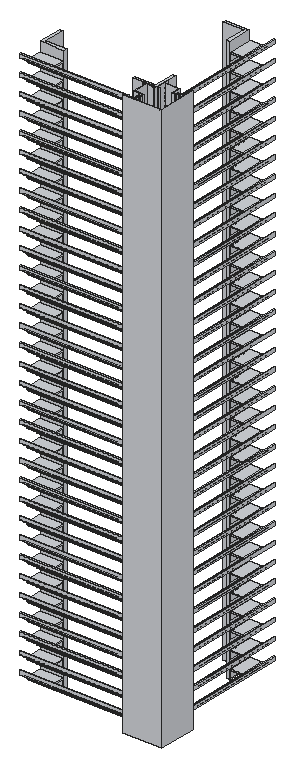
Revit family "ES-EL-2 (Box Corner)", category Mechanical Equipment, Revit 2015
Parameters
  URL = "http://unitedenertech.com/catalog/pdf/A_46%20ES-EL-2.pdf"
  Type Comments = "Size is Limited to (12\"w x 12\"l)"
  Model = "ES-EL-2 (Box Corner)"
  Manufacturer = "United Enertech Corporation"
  Exact Height = 4' - 0"
  Description = "2\" Aluminum Equipment Screen Box Corner"
  Blade Spacing = 0' - 1.45"
  Blade Number [instance] = rounddown(Exact Height / Blade Spacing)  # 33
Reference planes (in)
  plane 1 "Center (Front/Back)": y = 0
  plane 2: z = 0
  plane 3 "Center (Left/Right)": x = 0
  plane 4: z = 48
Forms (in)
  Extrusion 1, solid
    sketch origin (2.80276, -1.93416, 0) x (0, 1, 0) y (-1, 0, 0)
      loop
        line (1.93416, 2.61476) -> (1.99416, 2.61476) -> (1.99416, 2.74276) -> (2.70816, 2.74276) -> (2.70816, 1.54076) -> (1.99416, 1.54076) -> (1.99416, 1.26076) -> (1.94916, 1.26076) -> (1.94916, 1.20076) -> (1.99416, 1.20076) -> (1.99416, 1.13876) -> (2.05416, 1.13876) -> (2.05416, 1.20076) -> (2.14216, 1.20076) -> (2.14216, 0.76076) -> (2.05416, 0.76076) -> (2.05416, 0.91976) -> (1.99416, 0.91976) -> (1.99416, 0.70076) -> (2.9943, 0.70076) -> (2.9943, 0.65878) -> (3.05916, 0.65878) -> (3.05916, 0.76076) -> (2.76816, 0.76076) -> (2.76816, 0.88876) -> (2.70816, 0.88876) -> (2.70816, 0.76076) -> (2.20216, 0.76076) -> (2.20216, 1.26076) -> (2.05416, 1.26076) -> (2.05416, 1.48076) -> (2.76816, 1.48076) -> (2.76816, 2.74276) -> (3.05916, 2.74276) -> (3.05916, 2.80276) -> (1.93416, 2.80276) -> (1.93416, 2.61476)
    from 0 to 48
  Extrusion 2, solid
    sketch origin (1.93416, -2.80276, 0) x (-1, 0, 0) y (0, -1, 0)
      loop
        line (1.93416, -2.61476) -> (1.93416, -2.80276) -> (3.05916, -2.80276) -> (3.05916, -2.74276) -> (2.76816, -2.74276) -> (2.76816, -1.48076) -> (2.05416, -1.48076) -> (2.05416, -1.26076) -> (2.20216, -1.26076) -> (2.20216, -0.76076) -> (2.70816, -0.76076) -> (2.70816, -0.88876) -> (2.76816, -0.88876) -> (2.76816, -0.76076) -> (3.05916, -0.76076) -> (3.05916, -0.65878) -> (2.9943, -0.65878) -> (2.9943, -0.70076) -> (1.99416, -0.70076) -> (1.99416, -0.91976) -> (2.05416, -0.91976) -> (2.05416, -0.76076) -> (2.14216, -0.76076) -> (2.14216, -1.20076) -> (2.05416, -1.20076) -> (2.05416, -1.13876) -> (1.99416, -1.13876) -> (1.99416, -1.20076) -> (1.94916, -1.20076) -> (1.94916, -1.26076) -> (1.99416, -1.26076) -> (1.99416, -1.54076) -> (2.70816, -1.54076) -> (2.70816, -2.74276) -> (1.99416, -2.74276) -> (1.99416, -2.61476) -> (1.93416, -2.61476)
    from 0 to 48
  Extrusion 3, solid
    sketch origin (0, 0, 0) x (1, 0, 0) y (0, 1, 0)
      loop
        line (2.102, 1.06014) -> (2.102, -2.102) -> (-1.06014, -2.102) -> (-1.06014, -2.183) -> (2.183, -2.183) -> (2.183, 1.06014) -> (2.102, 1.06014)
    from 0 to 48
  Extrusion 4, solid
    sketch origin (-14.48764, -11.29971, 67.17069) x (0, 1, 0) y (0, 0, 1)
      loop
        line (9.25771, -19.48365) -> (9.41126, -19.58834) -> (9.57839, -19.70229) -> (9.68235, -19.77317) -> (9.75563, -19.82705) -> (9.8224, -19.88601) -> (9.91212, -19.97708) -> (9.99904, -20.07659) -> (10.07997, -20.18154) -> (10.12676, -20.24077) -> (10.16148, -20.26933) -> (10.47814, -20.48524) -> (10.60505, -20.56965) -> (10.64778, -20.58183) -> (10.71035, -20.58276) -> (10.77982, -20.58518) -> (10.83315, -20.59878) -> (10.8957, -20.6332) -> (11.11006, -20.83253) -> (10.96958, -20.83253) -> (10.96958, -20.8907) -> (11.25622, -20.8907) -> (10.98451, -20.63232) -> (10.91566, -20.57063) -> (10.85482, -20.53862) -> (10.78597, -20.52225) -> (10.79667, -20.48232) -> (10.80191, -20.44464) -> (10.79771, -20.40358) -> (10.73388, -20.41014)
        arc (10.73388, -20.41014) -> (10.61986, -20.50924) -> (10.67009, -20.36677) r 0.07813
        line (10.67009, -20.36677) -> (10.65314, -20.30354) -> (10.59963, -20.32231) -> (10.55974, -20.35344) -> (10.53339, -20.39908) -> (10.52654, -20.44683) -> (10.26934, -20.27147) -> (10.29906, -20.25431) -> (10.33558, -20.21607) -> (10.35667, -20.15577) -> (10.35386, -20.10111) -> (10.28979, -20.10794)
        arc (10.28979, -20.10794) -> (10.17595, -20.20657) -> (10.22317, -20.06353) r 0.07812
        line (10.22317, -20.06353) -> (10.20676, -20.00228) -> (10.15882, -20.01737) -> (10.11406, -20.05206) -> (10.08916, -20.0952) -> (9.97802, -19.96172) -> (9.85682, -19.8373) -> (9.79268, -19.78114) -> (9.72423, -19.73032) -> (9.31671, -19.45246) -> (9.31671, -19.17069) -> (9.25771, -19.17069) -> (9.25771, -19.48365)
    from 4.67064 to 13.65364
  Extrusion 5, solid
    sketch origin (-16.61227, -2.95414, 0) x (1, 0, 0) y (0, 1, 0)
      loop
        line (14.61227, 2.95414) -> (16.61227, 2.95414) -> (16.61227, 4.95414) -> (16.36227, 4.95414) -> (16.36227, 3.20414) -> (14.61227, 3.20414) -> (14.61227, 2.95414)
    from 0 to 48
  Extrusion 6, solid
    sketch origin (11.29971, 14.48764, 55.17069) x (-1, 0, 0) y (0, 0, -1)
      loop
        line (9.25771, 7.48365) -> (9.25771, 7.17069) -> (9.31671, 7.17069) -> (9.31671, 7.45246) -> (9.72423, 7.73032) -> (9.79268, 7.78114) -> (9.85682, 7.8373) -> (9.97802, 7.96172) -> (10.08916, 8.0952) -> (10.11406, 8.05206) -> (10.15882, 8.01737) -> (10.20676, 8.00228) -> (10.22317, 8.06353)
        arc (10.22317, 8.06353) -> (10.17595, 8.20657) -> (10.28979, 8.10794) r 0.07812
        line (10.28979, 8.10794) -> (10.35386, 8.10111) -> (10.35667, 8.15577) -> (10.33558, 8.21607) -> (10.29906, 8.25431) -> (10.26934, 8.27147) -> (10.52654, 8.44683) -> (10.53339, 8.39908) -> (10.55974, 8.35344) -> (10.59963, 8.32231) -> (10.65314, 8.30354) -> (10.67009, 8.36677)
        arc (10.67009, 8.36677) -> (10.61986, 8.50924) -> (10.73388, 8.41014) r 0.07813
        line (10.73388, 8.41014) -> (10.79771, 8.40358) -> (10.80191, 8.44464) -> (10.79667, 8.48232) -> (10.78597, 8.52225) -> (10.85482, 8.53862) -> (10.91566, 8.57063) -> (10.98451, 8.63232) -> (11.25622, 8.8907) -> (10.96958, 8.8907) -> (10.96958, 8.83253) -> (11.11006, 8.83253) -> (10.8957, 8.6332) -> (10.83315, 8.59878) -> (10.77982, 8.58518) -> (10.71035, 8.58276) -> (10.64778, 8.58183) -> (10.60505, 8.56965) -> (10.47814, 8.48524) -> (10.16148, 8.26933) -> (10.12676, 8.24077) -> (10.07997, 8.18154) -> (9.99904, 8.07659) -> (9.91212, 7.97708) -> (9.8224, 7.88601) -> (9.75563, 7.82705) -> (9.68235, 7.77317) -> (9.57839, 7.70229) -> (9.41126, 7.58834) -> (9.25771, 7.48365)
    from 4.67064 to 13.65364
  Extrusion 7, solid
    sketch origin (11.29971, 14.48764, 53.72069) x (-1, 0, 0) y (0, 0, -1)
      loop
        line (9.25771, 7.48365) -> (9.25771, 7.17069) -> (9.31671, 7.17069) -> (9.31671, 7.45246) -> (9.72423, 7.73032) -> (9.79268, 7.78114) -> (9.85682, 7.8373) -> (9.97802, 7.96172) -> (10.08916, 8.0952) -> (10.11406, 8.05206) -> (10.15882, 8.01737) -> (10.20676, 8.00228) -> (10.22317, 8.06353)
        arc (10.22317, 8.06353) -> (10.17595, 8.20657) -> (10.28979, 8.10794) r 0.07812
        line (10.28979, 8.10794) -> (10.35386, 8.10111) -> (10.35667, 8.15577) -> (10.33558, 8.21607) -> (10.29906, 8.25431) -> (10.26934, 8.27147) -> (10.52654, 8.44683) -> (10.53339, 8.39908) -> (10.55974, 8.35344) -> (10.59963, 8.32231) -> (10.65314, 8.30354) -> (10.67009, 8.36677)
        arc (10.67009, 8.36677) -> (10.61986, 8.50924) -> (10.73388, 8.41014) r 0.07813
        line (10.73388, 8.41014) -> (10.79771, 8.40358) -> (10.80191, 8.44464) -> (10.79667, 8.48232) -> (10.78597, 8.52225) -> (10.85482, 8.53862) -> (10.91566, 8.57063) -> (10.98451, 8.63232) -> (11.25622, 8.8907) -> (10.96958, 8.8907) -> (10.96958, 8.83253) -> (11.11006, 8.83253) -> (10.8957, 8.6332) -> (10.83315, 8.59878) -> (10.77982, 8.58518) -> (10.71035, 8.58276) -> (10.64778, 8.58183) -> (10.60505, 8.56965) -> (10.47814, 8.48524) -> (10.16148, 8.26933) -> (10.12676, 8.24077) -> (10.07997, 8.18154) -> (9.99904, 8.07659) -> (9.91212, 7.97708) -> (9.8224, 7.88601) -> (9.75563, 7.82705) -> (9.68235, 7.77317) -> (9.57839, 7.70229) -> (9.41126, 7.58834) -> (9.25771, 7.48365)
    from 4.67064 to 13.65364
  Extrusion 8, solid
    sketch origin (11.29971, 14.48764, 52.27069) x (-1, 0, 0) y (0, 0, -1)
      loop
        line (9.25771, 7.48365) -> (9.25771, 7.17069) -> (9.31671, 7.17069) -> (9.31671, 7.45246) -> (9.72423, 7.73032) -> (9.79268, 7.78114) -> (9.85682, 7.8373) -> (9.97802, 7.96172) -> (10.08916, 8.0952) -> (10.11406, 8.05206) -> (10.15882, 8.01737) -> (10.20676, 8.00228) -> (10.22317, 8.06353)
        arc (10.22317, 8.06353) -> (10.17595, 8.20657) -> (10.28979, 8.10794) r 0.07812
        line (10.28979, 8.10794) -> (10.35386, 8.10111) -> (10.35667, 8.15577) -> (10.33558, 8.21607) -> (10.29906, 8.25431) -> (10.26934, 8.27147) -> (10.52654, 8.44683) -> (10.53339, 8.39908) -> (10.55974, 8.35344) -> (10.59963, 8.32231) -> (10.65314, 8.30354) -> (10.67009, 8.36677)
        arc (10.67009, 8.36677) -> (10.61986, 8.50924) -> (10.73388, 8.41014) r 0.07813
        line (10.73388, 8.41014) -> (10.79771, 8.40358) -> (10.80191, 8.44464) -> (10.79667, 8.48232) -> (10.78597, 8.52225) -> (10.85482, 8.53862) -> (10.91566, 8.57063) -> (10.98451, 8.63232) -> (11.25622, 8.8907) -> (10.96958, 8.8907) -> (10.96958, 8.83253) -> (11.11006, 8.83253) -> (10.8957, 8.6332) -> (10.83315, 8.59878) -> (10.77982, 8.58518) -> (10.71035, 8.58276) -> (10.64778, 8.58183) -> (10.60505, 8.56965) -> (10.47814, 8.48524) -> (10.16148, 8.26933) -> (10.12676, 8.24077) -> (10.07997, 8.18154) -> (9.99904, 8.07659) -> (9.91212, 7.97708) -> (9.8224, 7.88601) -> (9.75563, 7.82705) -> (9.68235, 7.77317) -> (9.57839, 7.70229) -> (9.41126, 7.58834) -> (9.25771, 7.48365)
    from 4.67064 to 13.65364
  Extrusion 9, solid
    sketch origin (11.29971, 14.48764, 50.82069) x (-1, 0, 0) y (0, 0, -1)
      loop
        line (9.25771, 7.48365) -> (9.25771, 7.17069) -> (9.31671, 7.17069) -> (9.31671, 7.45246) -> (9.72423, 7.73032) -> (9.79268, 7.78114) -> (9.85682, 7.8373) -> (9.97802, 7.96172) -> (10.08916, 8.0952) -> (10.11406, 8.05206) -> (10.15882, 8.01737) -> (10.20676, 8.00228) -> (10.22317, 8.06353)
        arc (10.22317, 8.06353) -> (10.17595, 8.20657) -> (10.28979, 8.10794) r 0.07812
        line (10.28979, 8.10794) -> (10.35386, 8.10111) -> (10.35667, 8.15577) -> (10.33558, 8.21607) -> (10.29906, 8.25431) -> (10.26934, 8.27147) -> (10.52654, 8.44683) -> (10.53339, 8.39908) -> (10.55974, 8.35344) -> (10.59963, 8.32231) -> (10.65314, 8.30354) -> (10.67009, 8.36677)
        arc (10.67009, 8.36677) -> (10.61986, 8.50924) -> (10.73388, 8.41014) r 0.07813
        line (10.73388, 8.41014) -> (10.79771, 8.40358) -> (10.80191, 8.44464) -> (10.79667, 8.48232) -> (10.78597, 8.52225) -> (10.85482, 8.53862) -> (10.91566, 8.57063) -> (10.98451, 8.63232) -> (11.25622, 8.8907) -> (10.96958, 8.8907) -> (10.96958, 8.83253) -> (11.11006, 8.83253) -> (10.8957, 8.6332) -> (10.83315, 8.59878) -> (10.77982, 8.58518) -> (10.71035, 8.58276) -> (10.64778, 8.58183) -> (10.60505, 8.56965) -> (10.47814, 8.48524) -> (10.16148, 8.26933) -> (10.12676, 8.24077) -> (10.07997, 8.18154) -> (9.99904, 8.07659) -> (9.91212, 7.97708) -> (9.8224, 7.88601) -> (9.75563, 7.82705) -> (9.68235, 7.77317) -> (9.57839, 7.70229) -> (9.41126, 7.58834) -> (9.25771, 7.48365)
    from 4.67064 to 13.65364
  Extrusion 10, solid
    sketch origin (11.29971, 14.48764, 49.37069) x (-1, 0, 0) y (0, 0, -1)
      loop
        line (9.25771, 7.48365) -> (9.25771, 7.17069) -> (9.31671, 7.17069) -> (9.31671, 7.45246) -> (9.72423, 7.73032) -> (9.79268, 7.78114) -> (9.85682, 7.8373) -> (9.97802, 7.96172) -> (10.08916, 8.0952) -> (10.11406, 8.05206) -> (10.15882, 8.01737) -> (10.20676, 8.00228) -> (10.22317, 8.06353)
        arc (10.22317, 8.06353) -> (10.17595, 8.20657) -> (10.28979, 8.10794) r 0.07812
        line (10.28979, 8.10794) -> (10.35386, 8.10111) -> (10.35667, 8.15577) -> (10.33558, 8.21607) -> (10.29906, 8.25431) -> (10.26934, 8.27147) -> (10.52654, 8.44683) -> (10.53339, 8.39908) -> (10.55974, 8.35344) -> (10.59963, 8.32231) -> (10.65314, 8.30354) -> (10.67009, 8.36677)
        arc (10.67009, 8.36677) -> (10.61986, 8.50924) -> (10.73388, 8.41014) r 0.07813
        line (10.73388, 8.41014) -> (10.79771, 8.40358) -> (10.80191, 8.44464) -> (10.79667, 8.48232) -> (10.78597, 8.52225) -> (10.85482, 8.53862) -> (10.91566, 8.57063) -> (10.98451, 8.63232) -> (11.25622, 8.8907) -> (10.96958, 8.8907) -> (10.96958, 8.83253) -> (11.11006, 8.83253) -> (10.8957, 8.6332) -> (10.83315, 8.59878) -> (10.77982, 8.58518) -> (10.71035, 8.58276) -> (10.64778, 8.58183) -> (10.60505, 8.56965) -> (10.47814, 8.48524) -> (10.16148, 8.26933) -> (10.12676, 8.24077) -> (10.07997, 8.18154) -> (9.99904, 8.07659) -> (9.91212, 7.97708) -> (9.8224, 7.88601) -> (9.75563, 7.82705) -> (9.68235, 7.77317) -> (9.57839, 7.70229) -> (9.41126, 7.58834) -> (9.25771, 7.48365)
    from 4.67064 to 13.65364
  Extrusion 11, solid
    sketch origin (11.29971, 14.48764, 47.92069) x (-1, 0, 0) y (0, 0, -1)
      loop
        line (9.25771, 7.48365) -> (9.25771, 7.17069) -> (9.31671, 7.17069) -> (9.31671, 7.45246) -> (9.72423, 7.73032) -> (9.79268, 7.78114) -> (9.85682, 7.8373) -> (9.97802, 7.96172) -> (10.08916, 8.0952) -> (10.11406, 8.05206) -> (10.15882, 8.01737) -> (10.20676, 8.00228) -> (10.22317, 8.06353)
        arc (10.22317, 8.06353) -> (10.17595, 8.20657) -> (10.28979, 8.10794) r 0.07812
        line (10.28979, 8.10794) -> (10.35386, 8.10111) -> (10.35667, 8.15577) -> (10.33558, 8.21607) -> (10.29906, 8.25431) -> (10.26934, 8.27147) -> (10.52654, 8.44683) -> (10.53339, 8.39908) -> (10.55974, 8.35344) -> (10.59963, 8.32231) -> (10.65314, 8.30354) -> (10.67009, 8.36677)
        arc (10.67009, 8.36677) -> (10.61986, 8.50924) -> (10.73388, 8.41014) r 0.07813
        line (10.73388, 8.41014) -> (10.79771, 8.40358) -> (10.80191, 8.44464) -> (10.79667, 8.48232) -> (10.78597, 8.52225) -> (10.85482, 8.53862) -> (10.91566, 8.57063) -> (10.98451, 8.63232) -> (11.25622, 8.8907) -> (10.96958, 8.8907) -> (10.96958, 8.83253) -> (11.11006, 8.83253) -> (10.8957, 8.6332) -> (10.83315, 8.59878) -> (10.77982, 8.58518) -> (10.71035, 8.58276) -> (10.64778, 8.58183) -> (10.60505, 8.56965) -> (10.47814, 8.48524) -> (10.16148, 8.26933) -> (10.12676, 8.24077) -> (10.07997, 8.18154) -> (9.99904, 8.07659) -> (9.91212, 7.97708) -> (9.8224, 7.88601) -> (9.75563, 7.82705) -> (9.68235, 7.77317) -> (9.57839, 7.70229) -> (9.41126, 7.58834) -> (9.25771, 7.48365)
    from 4.67064 to 13.65364
  Extrusion 12, solid
    sketch origin (11.29971, 14.48764, 46.47069) x (-1, 0, 0) y (0, 0, -1)
      loop
        line (9.25771, 7.48365) -> (9.25771, 7.17069) -> (9.31671, 7.17069) -> (9.31671, 7.45246) -> (9.72423, 7.73032) -> (9.79268, 7.78114) -> (9.85682, 7.8373) -> (9.97802, 7.96172) -> (10.08916, 8.0952) -> (10.11406, 8.05206) -> (10.15882, 8.01737) -> (10.20676, 8.00228) -> (10.22317, 8.06353)
        arc (10.22317, 8.06353) -> (10.17595, 8.20657) -> (10.28979, 8.10794) r 0.07812
        line (10.28979, 8.10794) -> (10.35386, 8.10111) -> (10.35667, 8.15577) -> (10.33558, 8.21607) -> (10.29906, 8.25431) -> (10.26934, 8.27147) -> (10.52654, 8.44683) -> (10.53339, 8.39908) -> (10.55974, 8.35344) -> (10.59963, 8.32231) -> (10.65314, 8.30354) -> (10.67009, 8.36677)
        arc (10.67009, 8.36677) -> (10.61986, 8.50924) -> (10.73388, 8.41014) r 0.07813
        line (10.73388, 8.41014) -> (10.79771, 8.40358) -> (10.80191, 8.44464) -> (10.79667, 8.48232) -> (10.78597, 8.52225) -> (10.85482, 8.53862) -> (10.91566, 8.57063) -> (10.98451, 8.63232) -> (11.25622, 8.8907) -> (10.96958, 8.8907) -> (10.96958, 8.83253) -> (11.11006, 8.83253) -> (10.8957, 8.6332) -> (10.83315, 8.59878) -> (10.77982, 8.58518) -> (10.71035, 8.58276) -> (10.64778, 8.58183) -> (10.60505, 8.56965) -> (10.47814, 8.48524) -> (10.16148, 8.26933) -> (10.12676, 8.24077) -> (10.07997, 8.18154) -> (9.99904, 8.07659) -> (9.91212, 7.97708) -> (9.8224, 7.88601) -> (9.75563, 7.82705) -> (9.68235, 7.77317) -> (9.57839, 7.70229) -> (9.41126, 7.58834) -> (9.25771, 7.48365)
    from 4.67064 to 13.65364
  Extrusion 13, solid
    sketch origin (11.29971, 14.48764, 45.02069) x (-1, 0, 0) y (0, 0, -1)
      loop
        line (9.25771, 7.48365) -> (9.25771, 7.17069) -> (9.31671, 7.17069) -> (9.31671, 7.45246) -> (9.72423, 7.73032) -> (9.79268, 7.78114) -> (9.85682, 7.8373) -> (9.97802, 7.96172) -> (10.08916, 8.0952) -> (10.11406, 8.05206) -> (10.15882, 8.01737) -> (10.20676, 8.00228) -> (10.22317, 8.06353)
        arc (10.22317, 8.06353) -> (10.17595, 8.20657) -> (10.28979, 8.10794) r 0.07812
        line (10.28979, 8.10794) -> (10.35386, 8.10111) -> (10.35667, 8.15577) -> (10.33558, 8.21607) -> (10.29906, 8.25431) -> (10.26934, 8.27147) -> (10.52654, 8.44683) -> (10.53339, 8.39908) -> (10.55974, 8.35344) -> (10.59963, 8.32231) -> (10.65314, 8.30354) -> (10.67009, 8.36677)
        arc (10.67009, 8.36677) -> (10.61986, 8.50924) -> (10.73388, 8.41014) r 0.07813
        line (10.73388, 8.41014) -> (10.79771, 8.40358) -> (10.80191, 8.44464) -> (10.79667, 8.48232) -> (10.78597, 8.52225) -> (10.85482, 8.53862) -> (10.91566, 8.57063) -> (10.98451, 8.63232) -> (11.25622, 8.8907) -> (10.96958, 8.8907) -> (10.96958, 8.83253) -> (11.11006, 8.83253) -> (10.8957, 8.6332) -> (10.83315, 8.59878) -> (10.77982, 8.58518) -> (10.71035, 8.58276) -> (10.64778, 8.58183) -> (10.60505, 8.56965) -> (10.47814, 8.48524) -> (10.16148, 8.26933) -> (10.12676, 8.24077) -> (10.07997, 8.18154) -> (9.99904, 8.07659) -> (9.91212, 7.97708) -> (9.8224, 7.88601) -> (9.75563, 7.82705) -> (9.68235, 7.77317) -> (9.57839, 7.70229) -> (9.41126, 7.58834) -> (9.25771, 7.48365)
    from 4.67064 to 13.65364
  Extrusion 14, solid
    sketch origin (11.29971, 14.48764, 43.57069) x (-1, 0, 0) y (0, 0, -1)
      loop
        line (9.25771, 7.48365) -> (9.25771, 7.17069) -> (9.31671, 7.17069) -> (9.31671, 7.45246) -> (9.72423, 7.73032) -> (9.79268, 7.78114) -> (9.85682, 7.8373) -> (9.97802, 7.96172) -> (10.08916, 8.0952) -> (10.11406, 8.05206) -> (10.15882, 8.01737) -> (10.20676, 8.00228) -> (10.22317, 8.06353)
        arc (10.22317, 8.06353) -> (10.17595, 8.20657) -> (10.28979, 8.10794) r 0.07812
        line (10.28979, 8.10794) -> (10.35386, 8.10111) -> (10.35667, 8.15577) -> (10.33558, 8.21607) -> (10.29906, 8.25431) -> (10.26934, 8.27147) -> (10.52654, 8.44683) -> (10.53339, 8.39908) -> (10.55974, 8.35344) -> (10.59963, 8.32231) -> (10.65314, 8.30354) -> (10.67009, 8.36677)
        arc (10.67009, 8.36677) -> (10.61986, 8.50924) -> (10.73388, 8.41014) r 0.07813
        line (10.73388, 8.41014) -> (10.79771, 8.40358) -> (10.80191, 8.44464) -> (10.79667, 8.48232) -> (10.78597, 8.52225) -> (10.85482, 8.53862) -> (10.91566, 8.57063) -> (10.98451, 8.63232) -> (11.25622, 8.8907) -> (10.96958, 8.8907) -> (10.96958, 8.83253) -> (11.11006, 8.83253) -> (10.8957, 8.6332) -> (10.83315, 8.59878) -> (10.77982, 8.58518) -> (10.71035, 8.58276) -> (10.64778, 8.58183) -> (10.60505, 8.56965) -> (10.47814, 8.48524) -> (10.16148, 8.26933) -> (10.12676, 8.24077) -> (10.07997, 8.18154) -> (9.99904, 8.07659) -> (9.91212, 7.97708) -> (9.8224, 7.88601) -> (9.75563, 7.82705) -> (9.68235, 7.77317) -> (9.57839, 7.70229) -> (9.41126, 7.58834) -> (9.25771, 7.48365)
    from 4.67064 to 13.65364
  Extrusion 15, solid
    sketch origin (11.29971, 14.48764, 42.12069) x (-1, 0, 0) y (0, 0, -1)
      loop
        line (9.25771, 7.48365) -> (9.25771, 7.17069) -> (9.31671, 7.17069) -> (9.31671, 7.45246) -> (9.72423, 7.73032) -> (9.79268, 7.78114) -> (9.85682, 7.8373) -> (9.97802, 7.96172) -> (10.08916, 8.0952) -> (10.11406, 8.05206) -> (10.15882, 8.01737) -> (10.20676, 8.00228) -> (10.22317, 8.06353)
        arc (10.22317, 8.06353) -> (10.17595, 8.20657) -> (10.28979, 8.10794) r 0.07812
        line (10.28979, 8.10794) -> (10.35386, 8.10111) -> (10.35667, 8.15577) -> (10.33558, 8.21607) -> (10.29906, 8.25431) -> (10.26934, 8.27147) -> (10.52654, 8.44683) -> (10.53339, 8.39908) -> (10.55974, 8.35344) -> (10.59963, 8.32231) -> (10.65314, 8.30354) -> (10.67009, 8.36677)
        arc (10.67009, 8.36677) -> (10.61986, 8.50924) -> (10.73388, 8.41014) r 0.07813
        line (10.73388, 8.41014) -> (10.79771, 8.40358) -> (10.80191, 8.44464) -> (10.79667, 8.48232) -> (10.78597, 8.52225) -> (10.85482, 8.53862) -> (10.91566, 8.57063) -> (10.98451, 8.63232) -> (11.25622, 8.8907) -> (10.96958, 8.8907) -> (10.96958, 8.83253) -> (11.11006, 8.83253) -> (10.8957, 8.6332) -> (10.83315, 8.59878) -> (10.77982, 8.58518) -> (10.71035, 8.58276) -> (10.64778, 8.58183) -> (10.60505, 8.56965) -> (10.47814, 8.48524) -> (10.16148, 8.26933) -> (10.12676, 8.24077) -> (10.07997, 8.18154) -> (9.99904, 8.07659) -> (9.91212, 7.97708) -> (9.8224, 7.88601) -> (9.75563, 7.82705) -> (9.68235, 7.77317) -> (9.57839, 7.70229) -> (9.41126, 7.58834) -> (9.25771, 7.48365)
    from 4.67064 to 13.65364
  Extrusion 16, solid
    sketch origin (11.29971, 14.48764, 40.67069) x (-1, 0, 0) y (0, 0, -1)
      loop
        line (9.25771, 7.48365) -> (9.25771, 7.17069) -> (9.31671, 7.17069) -> (9.31671, 7.45246) -> (9.72423, 7.73032) -> (9.79268, 7.78114) -> (9.85682, 7.8373) -> (9.97802, 7.96172) -> (10.08916, 8.0952) -> (10.11406, 8.05206) -> (10.15882, 8.01737) -> (10.20676, 8.00228) -> (10.22317, 8.06353)
        arc (10.22317, 8.06353) -> (10.17595, 8.20657) -> (10.28979, 8.10794) r 0.07812
        line (10.28979, 8.10794) -> (10.35386, 8.10111) -> (10.35667, 8.15577) -> (10.33558, 8.21607) -> (10.29906, 8.25431) -> (10.26934, 8.27147) -> (10.52654, 8.44683) -> (10.53339, 8.39908) -> (10.55974, 8.35344) -> (10.59963, 8.32231) -> (10.65314, 8.30354) -> (10.67009, 8.36677)
        arc (10.67009, 8.36677) -> (10.61986, 8.50924) -> (10.73388, 8.41014) r 0.07813
        line (10.73388, 8.41014) -> (10.79771, 8.40358) -> (10.80191, 8.44464) -> (10.79667, 8.48232) -> (10.78597, 8.52225) -> (10.85482, 8.53862) -> (10.91566, 8.57063) -> (10.98451, 8.63232) -> (11.25622, 8.8907) -> (10.96958, 8.8907) -> (10.96958, 8.83253) -> (11.11006, 8.83253) -> (10.8957, 8.6332) -> (10.83315, 8.59878) -> (10.77982, 8.58518) -> (10.71035, 8.58276) -> (10.64778, 8.58183) -> (10.60505, 8.56965) -> (10.47814, 8.48524) -> (10.16148, 8.26933) -> (10.12676, 8.24077) -> (10.07997, 8.18154) -> (9.99904, 8.07659) -> (9.91212, 7.97708) -> (9.8224, 7.88601) -> (9.75563, 7.82705) -> (9.68235, 7.77317) -> (9.57839, 7.70229) -> (9.41126, 7.58834) -> (9.25771, 7.48365)
    from 4.67064 to 13.65364
  Extrusion 17, solid
    sketch origin (11.29971, 14.48764, 39.22069) x (-1, 0, 0) y (0, 0, -1)
      loop
        line (9.25771, 7.48365) -> (9.25771, 7.17069) -> (9.31671, 7.17069) -> (9.31671, 7.45246) -> (9.72423, 7.73032) -> (9.79268, 7.78114) -> (9.85682, 7.8373) -> (9.97802, 7.96172) -> (10.08916, 8.0952) -> (10.11406, 8.05206) -> (10.15882, 8.01737) -> (10.20676, 8.00228) -> (10.22317, 8.06353)
        arc (10.22317, 8.06353) -> (10.17595, 8.20657) -> (10.28979, 8.10794) r 0.07812
        line (10.28979, 8.10794) -> (10.35386, 8.10111) -> (10.35667, 8.15577) -> (10.33558, 8.21607) -> (10.29906, 8.25431) -> (10.26934, 8.27147) -> (10.52654, 8.44683) -> (10.53339, 8.39908) -> (10.55974, 8.35344) -> (10.59963, 8.32231) -> (10.65314, 8.30354) -> (10.67009, 8.36677)
        arc (10.67009, 8.36677) -> (10.61986, 8.50924) -> (10.73388, 8.41014) r 0.07813
        line (10.73388, 8.41014) -> (10.79771, 8.40358) -> (10.80191, 8.44464) -> (10.79667, 8.48232) -> (10.78597, 8.52225) -> (10.85482, 8.53862) -> (10.91566, 8.57063) -> (10.98451, 8.63232) -> (11.25622, 8.8907) -> (10.96958, 8.8907) -> (10.96958, 8.83253) -> (11.11006, 8.83253) -> (10.8957, 8.6332) -> (10.83315, 8.59878) -> (10.77982, 8.58518) -> (10.71035, 8.58276) -> (10.64778, 8.58183) -> (10.60505, 8.56965) -> (10.47814, 8.48524) -> (10.16148, 8.26933) -> (10.12676, 8.24077) -> (10.07997, 8.18154) -> (9.99904, 8.07659) -> (9.91212, 7.97708) -> (9.8224, 7.88601) -> (9.75563, 7.82705) -> (9.68235, 7.77317) -> (9.57839, 7.70229) -> (9.41126, 7.58834) -> (9.25771, 7.48365)
    from 4.67064 to 13.65364
  Extrusion 18, solid
    sketch origin (11.29971, 14.48764, 37.77069) x (-1, 0, 0) y (0, 0, -1)
      loop
        line (9.25771, 7.48365) -> (9.25771, 7.17069) -> (9.31671, 7.17069) -> (9.31671, 7.45246) -> (9.72423, 7.73032) -> (9.79268, 7.78114) -> (9.85682, 7.8373) -> (9.97802, 7.96172) -> (10.08916, 8.0952) -> (10.11406, 8.05206) -> (10.15882, 8.01737) -> (10.20676, 8.00228) -> (10.22317, 8.06353)
        arc (10.22317, 8.06353) -> (10.17595, 8.20657) -> (10.28979, 8.10794) r 0.07812
        line (10.28979, 8.10794) -> (10.35386, 8.10111) -> (10.35667, 8.15577) -> (10.33558, 8.21607) -> (10.29906, 8.25431) -> (10.26934, 8.27147) -> (10.52654, 8.44683) -> (10.53339, 8.39908) -> (10.55974, 8.35344) -> (10.59963, 8.32231) -> (10.65314, 8.30354) -> (10.67009, 8.36677)
        arc (10.67009, 8.36677) -> (10.61986, 8.50924) -> (10.73388, 8.41014) r 0.07813
        line (10.73388, 8.41014) -> (10.79771, 8.40358) -> (10.80191, 8.44464) -> (10.79667, 8.48232) -> (10.78597, 8.52225) -> (10.85482, 8.53862) -> (10.91566, 8.57063) -> (10.98451, 8.63232) -> (11.25622, 8.8907) -> (10.96958, 8.8907) -> (10.96958, 8.83253) -> (11.11006, 8.83253) -> (10.8957, 8.6332) -> (10.83315, 8.59878) -> (10.77982, 8.58518) -> (10.71035, 8.58276) -> (10.64778, 8.58183) -> (10.60505, 8.56965) -> (10.47814, 8.48524) -> (10.16148, 8.26933) -> (10.12676, 8.24077) -> (10.07997, 8.18154) -> (9.99904, 8.07659) -> (9.91212, 7.97708) -> (9.8224, 7.88601) -> (9.75563, 7.82705) -> (9.68235, 7.77317) -> (9.57839, 7.70229) -> (9.41126, 7.58834) -> (9.25771, 7.48365)
    from 4.67064 to 13.65364
  Extrusion 19, solid
    sketch origin (11.29971, 14.48764, 36.32069) x (-1, 0, 0) y (0, 0, -1)
      loop
        line (9.25771, 7.48365) -> (9.25771, 7.17069) -> (9.31671, 7.17069) -> (9.31671, 7.45246) -> (9.72423, 7.73032) -> (9.79268, 7.78114) -> (9.85682, 7.8373) -> (9.97802, 7.96172) -> (10.08916, 8.0952) -> (10.11406, 8.05206) -> (10.15882, 8.01737) -> (10.20676, 8.00228) -> (10.22317, 8.06353)
        arc (10.22317, 8.06353) -> (10.17595, 8.20657) -> (10.28979, 8.10794) r 0.07812
        line (10.28979, 8.10794) -> (10.35386, 8.10111) -> (10.35667, 8.15577) -> (10.33558, 8.21607) -> (10.29906, 8.25431) -> (10.26934, 8.27147) -> (10.52654, 8.44683) -> (10.53339, 8.39908) -> (10.55974, 8.35344) -> (10.59963, 8.32231) -> (10.65314, 8.30354) -> (10.67009, 8.36677)
        arc (10.67009, 8.36677) -> (10.61986, 8.50924) -> (10.73388, 8.41014) r 0.07813
        line (10.73388, 8.41014) -> (10.79771, 8.40358) -> (10.80191, 8.44464) -> (10.79667, 8.48232) -> (10.78597, 8.52225) -> (10.85482, 8.53862) -> (10.91566, 8.57063) -> (10.98451, 8.63232) -> (11.25622, 8.8907) -> (10.96958, 8.8907) -> (10.96958, 8.83253) -> (11.11006, 8.83253) -> (10.8957, 8.6332) -> (10.83315, 8.59878) -> (10.77982, 8.58518) -> (10.71035, 8.58276) -> (10.64778, 8.58183) -> (10.60505, 8.56965) -> (10.47814, 8.48524) -> (10.16148, 8.26933) -> (10.12676, 8.24077) -> (10.07997, 8.18154) -> (9.99904, 8.07659) -> (9.91212, 7.97708) -> (9.8224, 7.88601) -> (9.75563, 7.82705) -> (9.68235, 7.77317) -> (9.57839, 7.70229) -> (9.41126, 7.58834) -> (9.25771, 7.48365)
    from 4.67064 to 13.65364
  Extrusion 20, solid
    sketch origin (11.29971, 14.48764, 34.87069) x (-1, 0, 0) y (0, 0, -1)
      loop
        line (9.25771, 7.48365) -> (9.25771, 7.17069) -> (9.31671, 7.17069) -> (9.31671, 7.45246) -> (9.72423, 7.73032) -> (9.79268, 7.78114) -> (9.85682, 7.8373) -> (9.97802, 7.96172) -> (10.08916, 8.0952) -> (10.11406, 8.05206) -> (10.15882, 8.01737) -> (10.20676, 8.00228) -> (10.22317, 8.06353)
        arc (10.22317, 8.06353) -> (10.17595, 8.20657) -> (10.28979, 8.10794) r 0.07812
        line (10.28979, 8.10794) -> (10.35386, 8.10111) -> (10.35667, 8.15577) -> (10.33558, 8.21607) -> (10.29906, 8.25431) -> (10.26934, 8.27147) -> (10.52654, 8.44683) -> (10.53339, 8.39908) -> (10.55974, 8.35344) -> (10.59963, 8.32231) -> (10.65314, 8.30354) -> (10.67009, 8.36677)
        arc (10.67009, 8.36677) -> (10.61986, 8.50924) -> (10.73388, 8.41014) r 0.07813
        line (10.73388, 8.41014) -> (10.79771, 8.40358) -> (10.80191, 8.44464) -> (10.79667, 8.48232) -> (10.78597, 8.52225) -> (10.85482, 8.53862) -> (10.91566, 8.57063) -> (10.98451, 8.63232) -> (11.25622, 8.8907) -> (10.96958, 8.8907) -> (10.96958, 8.83253) -> (11.11006, 8.83253) -> (10.8957, 8.6332) -> (10.83315, 8.59878) -> (10.77982, 8.58518) -> (10.71035, 8.58276) -> (10.64778, 8.58183) -> (10.60505, 8.56965) -> (10.47814, 8.48524) -> (10.16148, 8.26933) -> (10.12676, 8.24077) -> (10.07997, 8.18154) -> (9.99904, 8.07659) -> (9.91212, 7.97708) -> (9.8224, 7.88601) -> (9.75563, 7.82705) -> (9.68235, 7.77317) -> (9.57839, 7.70229) -> (9.41126, 7.58834) -> (9.25771, 7.48365)
    from 4.67064 to 13.65364
  Extrusion 21, solid
    sketch origin (11.29971, 14.48764, 33.42069) x (-1, 0, 0) y (0, 0, -1)
      loop
        line (9.25771, 7.48365) -> (9.25771, 7.17069) -> (9.31671, 7.17069) -> (9.31671, 7.45246) -> (9.72423, 7.73032) -> (9.79268, 7.78114) -> (9.85682, 7.8373) -> (9.97802, 7.96172) -> (10.08916, 8.0952) -> (10.11406, 8.05206) -> (10.15882, 8.01737) -> (10.20676, 8.00228) -> (10.22317, 8.06353)
        arc (10.22317, 8.06353) -> (10.17595, 8.20657) -> (10.28979, 8.10794) r 0.07812
        line (10.28979, 8.10794) -> (10.35386, 8.10111) -> (10.35667, 8.15577) -> (10.33558, 8.21607) -> (10.29906, 8.25431) -> (10.26934, 8.27147) -> (10.52654, 8.44683) -> (10.53339, 8.39908) -> (10.55974, 8.35344) -> (10.59963, 8.32231) -> (10.65314, 8.30354) -> (10.67009, 8.36677)
        arc (10.67009, 8.36677) -> (10.61986, 8.50924) -> (10.73388, 8.41014) r 0.07813
        line (10.73388, 8.41014) -> (10.79771, 8.40358) -> (10.80191, 8.44464) -> (10.79667, 8.48232) -> (10.78597, 8.52225) -> (10.85482, 8.53862) -> (10.91566, 8.57063) -> (10.98451, 8.63232) -> (11.25622, 8.8907) -> (10.96958, 8.8907) -> (10.96958, 8.83253) -> (11.11006, 8.83253) -> (10.8957, 8.6332) -> (10.83315, 8.59878) -> (10.77982, 8.58518) -> (10.71035, 8.58276) -> (10.64778, 8.58183) -> (10.60505, 8.56965) -> (10.47814, 8.48524) -> (10.16148, 8.26933) -> (10.12676, 8.24077) -> (10.07997, 8.18154) -> (9.99904, 8.07659) -> (9.91212, 7.97708) -> (9.8224, 7.88601) -> (9.75563, 7.82705) -> (9.68235, 7.77317) -> (9.57839, 7.70229) -> (9.41126, 7.58834) -> (9.25771, 7.48365)
    from 4.67064 to 13.65364
  Extrusion 22, solid
    sketch origin (-14.48764, -11.29971, 65.72069) x (0, 1, 0) y (0, 0, 1)
      loop
        line (9.25771, -19.48365) -> (9.41126, -19.58834) -> (9.57839, -19.70229) -> (9.68235, -19.77317) -> (9.75563, -19.82705) -> (9.8224, -19.88601) -> (9.91212, -19.97708) -> (9.99904, -20.07659) -> (10.07997, -20.18154) -> (10.12676, -20.24077) -> (10.16148, -20.26933) -> (10.47814, -20.48524) -> (10.60505, -20.56965) -> (10.64778, -20.58183) -> (10.71035, -20.58276) -> (10.77982, -20.58518) -> (10.83315, -20.59878) -> (10.8957, -20.6332) -> (11.11006, -20.83253) -> (10.96958, -20.83253) -> (10.96958, -20.8907) -> (11.25622, -20.8907) -> (10.98451, -20.63232) -> (10.91566, -20.57063) -> (10.85482, -20.53862) -> (10.78597, -20.52225) -> (10.79667, -20.48232) -> (10.80191, -20.44464) -> (10.79771, -20.40358) -> (10.73388, -20.41014)
        arc (10.73388, -20.41014) -> (10.61986, -20.50924) -> (10.67009, -20.36677) r 0.07813
        line (10.67009, -20.36677) -> (10.65314, -20.30354) -> (10.59963, -20.32231) -> (10.55974, -20.35344) -> (10.53339, -20.39908) -> (10.52654, -20.44683) -> (10.26934, -20.27147) -> (10.29906, -20.25431) -> (10.33558, -20.21607) -> (10.35667, -20.15577) -> (10.35386, -20.10111) -> (10.28979, -20.10794)
        arc (10.28979, -20.10794) -> (10.17595, -20.20657) -> (10.22317, -20.06353) r 0.07812
        line (10.22317, -20.06353) -> (10.20676, -20.00228) -> (10.15882, -20.01737) -> (10.11406, -20.05206) -> (10.08916, -20.0952) -> (9.97802, -19.96172) -> (9.85682, -19.8373) -> (9.79268, -19.78114) -> (9.72423, -19.73032) -> (9.31671, -19.45246) -> (9.31671, -19.17069) -> (9.25771, -19.17069) -> (9.25771, -19.48365)
    from 4.67064 to 13.65364
  Extrusion 23, solid
    sketch origin (-14.48764, -11.29971, 64.27069) x (0, 1, 0) y (0, 0, 1)
      loop
        line (9.25771, -19.48365) -> (9.41126, -19.58834) -> (9.57839, -19.70229) -> (9.68235, -19.77317) -> (9.75563, -19.82705) -> (9.8224, -19.88601) -> (9.91212, -19.97708) -> (9.99904, -20.07659) -> (10.07997, -20.18154) -> (10.12676, -20.24077) -> (10.16148, -20.26933) -> (10.47814, -20.48524) -> (10.60505, -20.56965) -> (10.64778, -20.58183) -> (10.71035, -20.58276) -> (10.77982, -20.58518) -> (10.83315, -20.59878) -> (10.8957, -20.6332) -> (11.11006, -20.83253) -> (10.96958, -20.83253) -> (10.96958, -20.8907) -> (11.25622, -20.8907) -> (10.98451, -20.63232) -> (10.91566, -20.57063) -> (10.85482, -20.53862) -> (10.78597, -20.52225) -> (10.79667, -20.48232) -> (10.80191, -20.44464) -> (10.79771, -20.40358) -> (10.73388, -20.41014)
        arc (10.73388, -20.41014) -> (10.61986, -20.50924) -> (10.67009, -20.36677) r 0.07813
        line (10.67009, -20.36677) -> (10.65314, -20.30354) -> (10.59963, -20.32231) -> (10.55974, -20.35344) -> (10.53339, -20.39908) -> (10.52654, -20.44683) -> (10.26934, -20.27147) -> (10.29906, -20.25431) -> (10.33558, -20.21607) -> (10.35667, -20.15577) -> (10.35386, -20.10111) -> (10.28979, -20.10794)
        arc (10.28979, -20.10794) -> (10.17595, -20.20657) -> (10.22317, -20.06353) r 0.07812
        line (10.22317, -20.06353) -> (10.20676, -20.00228) -> (10.15882, -20.01737) -> (10.11406, -20.05206) -> (10.08916, -20.0952) -> (9.97802, -19.96172) -> (9.85682, -19.8373) -> (9.79268, -19.78114) -> (9.72423, -19.73032) -> (9.31671, -19.45246) -> (9.31671, -19.17069) -> (9.25771, -19.17069) -> (9.25771, -19.48365)
    from 4.67064 to 13.65364
  Extrusion 24, solid
    sketch origin (-14.48764, -11.29971, 62.82069) x (0, 1, 0) y (0, 0, 1)
      loop
        line (9.25771, -19.48365) -> (9.41126, -19.58834) -> (9.57839, -19.70229) -> (9.68235, -19.77317) -> (9.75563, -19.82705) -> (9.8224, -19.88601) -> (9.91212, -19.97708) -> (9.99904, -20.07659) -> (10.07997, -20.18154) -> (10.12676, -20.24077) -> (10.16148, -20.26933) -> (10.47814, -20.48524) -> (10.60505, -20.56965) -> (10.64778, -20.58183) -> (10.71035, -20.58276) -> (10.77982, -20.58518) -> (10.83315, -20.59878) -> (10.8957, -20.6332) -> (11.11006, -20.83253) -> (10.96958, -20.83253) -> (10.96958, -20.8907) -> (11.25622, -20.8907) -> (10.98451, -20.63232) -> (10.91566, -20.57063) -> (10.85482, -20.53862) -> (10.78597, -20.52225) -> (10.79667, -20.48232) -> (10.80191, -20.44464) -> (10.79771, -20.40358) -> (10.73388, -20.41014)
        arc (10.73388, -20.41014) -> (10.61986, -20.50924) -> (10.67009, -20.36677) r 0.07813
        line (10.67009, -20.36677) -> (10.65314, -20.30354) -> (10.59963, -20.32231) -> (10.55974, -20.35344) -> (10.53339, -20.39908) -> (10.52654, -20.44683) -> (10.26934, -20.27147) -> (10.29906, -20.25431) -> (10.33558, -20.21607) -> (10.35667, -20.15577) -> (10.35386, -20.10111) -> (10.28979, -20.10794)
        arc (10.28979, -20.10794) -> (10.17595, -20.20657) -> (10.22317, -20.06353) r 0.07812
        line (10.22317, -20.06353) -> (10.20676, -20.00228) -> (10.15882, -20.01737) -> (10.11406, -20.05206) -> (10.08916, -20.0952) -> (9.97802, -19.96172) -> (9.85682, -19.8373) -> (9.79268, -19.78114) -> (9.72423, -19.73032) -> (9.31671, -19.45246) -> (9.31671, -19.17069) -> (9.25771, -19.17069) -> (9.25771, -19.48365)
    from 4.67064 to 13.65364
  Extrusion 25, solid
    sketch origin (-14.48764, -11.29971, 61.37069) x (0, 1, 0) y (0, 0, 1)
      loop
        line (9.25771, -19.48365) -> (9.41126, -19.58834) -> (9.57839, -19.70229) -> (9.68235, -19.77317) -> (9.75563, -19.82705) -> (9.8224, -19.88601) -> (9.91212, -19.97708) -> (9.99904, -20.07659) -> (10.07997, -20.18154) -> (10.12676, -20.24077) -> (10.16148, -20.26933) -> (10.47814, -20.48524) -> (10.60505, -20.56965) -> (10.64778, -20.58183) -> (10.71035, -20.58276) -> (10.77982, -20.58518) -> (10.83315, -20.59878) -> (10.8957, -20.6332) -> (11.11006, -20.83253) -> (10.96958, -20.83253) -> (10.96958, -20.8907) -> (11.25622, -20.8907) -> (10.98451, -20.63232) -> (10.91566, -20.57063) -> (10.85482, -20.53862) -> (10.78597, -20.52225) -> (10.79667, -20.48232) -> (10.80191, -20.44464) -> (10.79771, -20.40358) -> (10.73388, -20.41014)
        arc (10.73388, -20.41014) -> (10.61986, -20.50924) -> (10.67009, -20.36677) r 0.07813
        line (10.67009, -20.36677) -> (10.65314, -20.30354) -> (10.59963, -20.32231) -> (10.55974, -20.35344) -> (10.53339, -20.39908) -> (10.52654, -20.44683) -> (10.26934, -20.27147) -> (10.29906, -20.25431) -> (10.33558, -20.21607) -> (10.35667, -20.15577) -> (10.35386, -20.10111) -> (10.28979, -20.10794)
        arc (10.28979, -20.10794) -> (10.17595, -20.20657) -> (10.22317, -20.06353) r 0.07812
        line (10.22317, -20.06353) -> (10.20676, -20.00228) -> (10.15882, -20.01737) -> (10.11406, -20.05206) -> (10.08916, -20.0952) -> (9.97802, -19.96172) -> (9.85682, -19.8373) -> (9.79268, -19.78114) -> (9.72423, -19.73032) -> (9.31671, -19.45246) -> (9.31671, -19.17069) -> (9.25771, -19.17069) -> (9.25771, -19.48365)
    from 4.67064 to 13.65364
  Extrusion 26, solid
    sketch origin (-14.48764, -11.29971, 59.92069) x (0, 1, 0) y (0, 0, 1)
      loop
        line (9.25771, -19.48365) -> (9.41126, -19.58834) -> (9.57839, -19.70229) -> (9.68235, -19.77317) -> (9.75563, -19.82705) -> (9.8224, -19.88601) -> (9.91212, -19.97708) -> (9.99904, -20.07659) -> (10.07997, -20.18154) -> (10.12676, -20.24077) -> (10.16148, -20.26933) -> (10.47814, -20.48524) -> (10.60505, -20.56965) -> (10.64778, -20.58183) -> (10.71035, -20.58276) -> (10.77982, -20.58518) -> (10.83315, -20.59878) -> (10.8957, -20.6332) -> (11.11006, -20.83253) -> (10.96958, -20.83253) -> (10.96958, -20.8907) -> (11.25622, -20.8907) -> (10.98451, -20.63232) -> (10.91566, -20.57063) -> (10.85482, -20.53862) -> (10.78597, -20.52225) -> (10.79667, -20.48232) -> (10.80191, -20.44464) -> (10.79771, -20.40358) -> (10.73388, -20.41014)
        arc (10.73388, -20.41014) -> (10.61986, -20.50924) -> (10.67009, -20.36677) r 0.07813
        line (10.67009, -20.36677) -> (10.65314, -20.30354) -> (10.59963, -20.32231) -> (10.55974, -20.35344) -> (10.53339, -20.39908) -> (10.52654, -20.44683) -> (10.26934, -20.27147) -> (10.29906, -20.25431) -> (10.33558, -20.21607) -> (10.35667, -20.15577) -> (10.35386, -20.10111) -> (10.28979, -20.10794)
        arc (10.28979, -20.10794) -> (10.17595, -20.20657) -> (10.22317, -20.06353) r 0.07812
        line (10.22317, -20.06353) -> (10.20676, -20.00228) -> (10.15882, -20.01737) -> (10.11406, -20.05206) -> (10.08916, -20.0952) -> (9.97802, -19.96172) -> (9.85682, -19.8373) -> (9.79268, -19.78114) -> (9.72423, -19.73032) -> (9.31671, -19.45246) -> (9.31671, -19.17069) -> (9.25771, -19.17069) -> (9.25771, -19.48365)
    from 4.67064 to 13.65364
  Extrusion 27, solid
    sketch origin (-14.48764, -11.29971, 58.47069) x (0, 1, 0) y (0, 0, 1)
      loop
        line (9.25771, -19.48365) -> (9.41126, -19.58834) -> (9.57839, -19.70229) -> (9.68235, -19.77317) -> (9.75563, -19.82705) -> (9.8224, -19.88601) -> (9.91212, -19.97708) -> (9.99904, -20.07659) -> (10.07997, -20.18154) -> (10.12676, -20.24077) -> (10.16148, -20.26933) -> (10.47814, -20.48524) -> (10.60505, -20.56965) -> (10.64778, -20.58183) -> (10.71035, -20.58276) -> (10.77982, -20.58518) -> (10.83315, -20.59878) -> (10.8957, -20.6332) -> (11.11006, -20.83253) -> (10.96958, -20.83253) -> (10.96958, -20.8907) -> (11.25622, -20.8907) -> (10.98451, -20.63232) -> (10.91566, -20.57063) -> (10.85482, -20.53862) -> (10.78597, -20.52225) -> (10.79667, -20.48232) -> (10.80191, -20.44464) -> (10.79771, -20.40358) -> (10.73388, -20.41014)
        arc (10.73388, -20.41014) -> (10.61986, -20.50924) -> (10.67009, -20.36677) r 0.07813
        line (10.67009, -20.36677) -> (10.65314, -20.30354) -> (10.59963, -20.32231) -> (10.55974, -20.35344) -> (10.53339, -20.39908) -> (10.52654, -20.44683) -> (10.26934, -20.27147) -> (10.29906, -20.25431) -> (10.33558, -20.21607) -> (10.35667, -20.15577) -> (10.35386, -20.10111) -> (10.28979, -20.10794)
        arc (10.28979, -20.10794) -> (10.17595, -20.20657) -> (10.22317, -20.06353) r 0.07812
        line (10.22317, -20.06353) -> (10.20676, -20.00228) -> (10.15882, -20.01737) -> (10.11406, -20.05206) -> (10.08916, -20.0952) -> (9.97802, -19.96172) -> (9.85682, -19.8373) -> (9.79268, -19.78114) -> (9.72423, -19.73032) -> (9.31671, -19.45246) -> (9.31671, -19.17069) -> (9.25771, -19.17069) -> (9.25771, -19.48365)
    from 4.67064 to 13.65364
  Extrusion 28, solid
    sketch origin (-14.48764, -11.29971, 57.02069) x (0, 1, 0) y (0, 0, 1)
      loop
        line (9.25771, -19.48365) -> (9.41126, -19.58834) -> (9.57839, -19.70229) -> (9.68235, -19.77317) -> (9.75563, -19.82705) -> (9.8224, -19.88601) -> (9.91212, -19.97708) -> (9.99904, -20.07659) -> (10.07997, -20.18154) -> (10.12676, -20.24077) -> (10.16148, -20.26933) -> (10.47814, -20.48524) -> (10.60505, -20.56965) -> (10.64778, -20.58183) -> (10.71035, -20.58276) -> (10.77982, -20.58518) -> (10.83315, -20.59878) -> (10.8957, -20.6332) -> (11.11006, -20.83253) -> (10.96958, -20.83253) -> (10.96958, -20.8907) -> (11.25622, -20.8907) -> (10.98451, -20.63232) -> (10.91566, -20.57063) -> (10.85482, -20.53862) -> (10.78597, -20.52225) -> (10.79667, -20.48232) -> (10.80191, -20.44464) -> (10.79771, -20.40358) -> (10.73388, -20.41014)
        arc (10.73388, -20.41014) -> (10.61986, -20.50924) -> (10.67009, -20.36677) r 0.07813
        line (10.67009, -20.36677) -> (10.65314, -20.30354) -> (10.59963, -20.32231) -> (10.55974, -20.35344) -> (10.53339, -20.39908) -> (10.52654, -20.44683) -> (10.26934, -20.27147) -> (10.29906, -20.25431) -> (10.33558, -20.21607) -> (10.35667, -20.15577) -> (10.35386, -20.10111) -> (10.28979, -20.10794)
        arc (10.28979, -20.10794) -> (10.17595, -20.20657) -> (10.22317, -20.06353) r 0.07812
        line (10.22317, -20.06353) -> (10.20676, -20.00228) -> (10.15882, -20.01737) -> (10.11406, -20.05206) -> (10.08916, -20.0952) -> (9.97802, -19.96172) -> (9.85682, -19.8373) -> (9.79268, -19.78114) -> (9.72423, -19.73032) -> (9.31671, -19.45246) -> (9.31671, -19.17069) -> (9.25771, -19.17069) -> (9.25771, -19.48365)
    from 4.67064 to 13.65364
  Extrusion 29, solid
    sketch origin (-14.48764, -11.29971, 55.57069) x (0, 1, 0) y (0, 0, 1)
      loop
        line (9.25771, -19.48365) -> (9.41126, -19.58834) -> (9.57839, -19.70229) -> (9.68235, -19.77317) -> (9.75563, -19.82705) -> (9.8224, -19.88601) -> (9.91212, -19.97708) -> (9.99904, -20.07659) -> (10.07997, -20.18154) -> (10.12676, -20.24077) -> (10.16148, -20.26933) -> (10.47814, -20.48524) -> (10.60505, -20.56965) -> (10.64778, -20.58183) -> (10.71035, -20.58276) -> (10.77982, -20.58518) -> (10.83315, -20.59878) -> (10.8957, -20.6332) -> (11.11006, -20.83253) -> (10.96958, -20.83253) -> (10.96958, -20.8907) -> (11.25622, -20.8907) -> (10.98451, -20.63232) -> (10.91566, -20.57063) -> (10.85482, -20.53862) -> (10.78597, -20.52225) -> (10.79667, -20.48232) -> (10.80191, -20.44464) -> (10.79771, -20.40358) -> (10.73388, -20.41014)
        arc (10.73388, -20.41014) -> (10.61986, -20.50924) -> (10.67009, -20.36677) r 0.07813
        line (10.67009, -20.36677) -> (10.65314, -20.30354) -> (10.59963, -20.32231) -> (10.55974, -20.35344) -> (10.53339, -20.39908) -> (10.52654, -20.44683) -> (10.26934, -20.27147) -> (10.29906, -20.25431) -> (10.33558, -20.21607) -> (10.35667, -20.15577) -> (10.35386, -20.10111) -> (10.28979, -20.10794)
        arc (10.28979, -20.10794) -> (10.17595, -20.20657) -> (10.22317, -20.06353) r 0.07812
        line (10.22317, -20.06353) -> (10.20676, -20.00228) -> (10.15882, -20.01737) -> (10.11406, -20.05206) -> (10.08916, -20.0952) -> (9.97802, -19.96172) -> (9.85682, -19.8373) -> (9.79268, -19.78114) -> (9.72423, -19.73032) -> (9.31671, -19.45246) -> (9.31671, -19.17069) -> (9.25771, -19.17069) -> (9.25771, -19.48365)
    from 4.67064 to 13.65364
  Extrusion 30, solid
    sketch origin (-14.48764, -11.29971, 54.12069) x (0, 1, 0) y (0, 0, 1)
      loop
        line (9.25771, -19.48365) -> (9.41126, -19.58834) -> (9.57839, -19.70229) -> (9.68235, -19.77317) -> (9.75563, -19.82705) -> (9.8224, -19.88601) -> (9.91212, -19.97708) -> (9.99904, -20.07659) -> (10.07997, -20.18154) -> (10.12676, -20.24077) -> (10.16148, -20.26933) -> (10.47814, -20.48524) -> (10.60505, -20.56965) -> (10.64778, -20.58183) -> (10.71035, -20.58276) -> (10.77982, -20.58518) -> (10.83315, -20.59878) -> (10.8957, -20.6332) -> (11.11006, -20.83253) -> (10.96958, -20.83253) -> (10.96958, -20.8907) -> (11.25622, -20.8907) -> (10.98451, -20.63232) -> (10.91566, -20.57063) -> (10.85482, -20.53862) -> (10.78597, -20.52225) -> (10.79667, -20.48232) -> (10.80191, -20.44464) -> (10.79771, -20.40358) -> (10.73388, -20.41014)
        arc (10.73388, -20.41014) -> (10.61986, -20.50924) -> (10.67009, -20.36677) r 0.07813
        line (10.67009, -20.36677) -> (10.65314, -20.30354) -> (10.59963, -20.32231) -> (10.55974, -20.35344) -> (10.53339, -20.39908) -> (10.52654, -20.44683) -> (10.26934, -20.27147) -> (10.29906, -20.25431) -> (10.33558, -20.21607) -> (10.35667, -20.15577) -> (10.35386, -20.10111) -> (10.28979, -20.10794)
        arc (10.28979, -20.10794) -> (10.17595, -20.20657) -> (10.22317, -20.06353) r 0.07812
        line (10.22317, -20.06353) -> (10.20676, -20.00228) -> (10.15882, -20.01737) -> (10.11406, -20.05206) -> (10.08916, -20.0952) -> (9.97802, -19.96172) -> (9.85682, -19.8373) -> (9.79268, -19.78114) -> (9.72423, -19.73032) -> (9.31671, -19.45246) -> (9.31671, -19.17069) -> (9.25771, -19.17069) -> (9.25771, -19.48365)
    from 4.67064 to 13.65364
  Extrusion 31, solid
    sketch origin (-14.48764, -11.29971, 52.67069) x (0, 1, 0) y (0, 0, 1)
      loop
        line (9.25771, -19.48365) -> (9.41126, -19.58834) -> (9.57839, -19.70229) -> (9.68235, -19.77317) -> (9.75563, -19.82705) -> (9.8224, -19.88601) -> (9.91212, -19.97708) -> (9.99904, -20.07659) -> (10.07997, -20.18154) -> (10.12676, -20.24077) -> (10.16148, -20.26933) -> (10.47814, -20.48524) -> (10.60505, -20.56965) -> (10.64778, -20.58183) -> (10.71035, -20.58276) -> (10.77982, -20.58518) -> (10.83315, -20.59878) -> (10.8957, -20.6332) -> (11.11006, -20.83253) -> (10.96958, -20.83253) -> (10.96958, -20.8907) -> (11.25622, -20.8907) -> (10.98451, -20.63232) -> (10.91566, -20.57063) -> (10.85482, -20.53862) -> (10.78597, -20.52225) -> (10.79667, -20.48232) -> (10.80191, -20.44464) -> (10.79771, -20.40358) -> (10.73388, -20.41014)
        arc (10.73388, -20.41014) -> (10.61986, -20.50924) -> (10.67009, -20.36677) r 0.07813
        line (10.67009, -20.36677) -> (10.65314, -20.30354) -> (10.59963, -20.32231) -> (10.55974, -20.35344) -> (10.53339, -20.39908) -> (10.52654, -20.44683) -> (10.26934, -20.27147) -> (10.29906, -20.25431) -> (10.33558, -20.21607) -> (10.35667, -20.15577) -> (10.35386, -20.10111) -> (10.28979, -20.10794)
        arc (10.28979, -20.10794) -> (10.17595, -20.20657) -> (10.22317, -20.06353) r 0.07812
        line (10.22317, -20.06353) -> (10.20676, -20.00228) -> (10.15882, -20.01737) -> (10.11406, -20.05206) -> (10.08916, -20.0952) -> (9.97802, -19.96172) -> (9.85682, -19.8373) -> (9.79268, -19.78114) -> (9.72423, -19.73032) -> (9.31671, -19.45246) -> (9.31671, -19.17069) -> (9.25771, -19.17069) -> (9.25771, -19.48365)
    from 4.67064 to 13.65364
  Extrusion 32, solid
    sketch origin (-14.48764, -11.29971, 51.22069) x (0, 1, 0) y (0, 0, 1)
      loop
        line (9.25771, -19.48365) -> (9.41126, -19.58834) -> (9.57839, -19.70229) -> (9.68235, -19.77317) -> (9.75563, -19.82705) -> (9.8224, -19.88601) -> (9.91212, -19.97708) -> (9.99904, -20.07659) -> (10.07997, -20.18154) -> (10.12676, -20.24077) -> (10.16148, -20.26933) -> (10.47814, -20.48524) -> (10.60505, -20.56965) -> (10.64778, -20.58183) -> (10.71035, -20.58276) -> (10.77982, -20.58518) -> (10.83315, -20.59878) -> (10.8957, -20.6332) -> (11.11006, -20.83253) -> (10.96958, -20.83253) -> (10.96958, -20.8907) -> (11.25622, -20.8907) -> (10.98451, -20.63232) -> (10.91566, -20.57063) -> (10.85482, -20.53862) -> (10.78597, -20.52225) -> (10.79667, -20.48232) -> (10.80191, -20.44464) -> (10.79771, -20.40358) -> (10.73388, -20.41014)
        arc (10.73388, -20.41014) -> (10.61986, -20.50924) -> (10.67009, -20.36677) r 0.07813
        line (10.67009, -20.36677) -> (10.65314, -20.30354) -> (10.59963, -20.32231) -> (10.55974, -20.35344) -> (10.53339, -20.39908) -> (10.52654, -20.44683) -> (10.26934, -20.27147) -> (10.29906, -20.25431) -> (10.33558, -20.21607) -> (10.35667, -20.15577) -> (10.35386, -20.10111) -> (10.28979, -20.10794)
        arc (10.28979, -20.10794) -> (10.17595, -20.20657) -> (10.22317, -20.06353) r 0.07812
        line (10.22317, -20.06353) -> (10.20676, -20.00228) -> (10.15882, -20.01737) -> (10.11406, -20.05206) -> (10.08916, -20.0952) -> (9.97802, -19.96172) -> (9.85682, -19.8373) -> (9.79268, -19.78114) -> (9.72423, -19.73032) -> (9.31671, -19.45246) -> (9.31671, -19.17069) -> (9.25771, -19.17069) -> (9.25771, -19.48365)
    from 4.67064 to 13.65364
  Extrusion 33, solid
    sketch origin (-14.48764, -11.29971, 49.77069) x (0, 1, 0) y (0, 0, 1)
      loop
        line (9.25771, -19.48365) -> (9.41126, -19.58834) -> (9.57839, -19.70229) -> (9.68235, -19.77317) -> (9.75563, -19.82705) -> (9.8224, -19.88601) -> (9.91212, -19.97708) -> (9.99904, -20.07659) -> (10.07997, -20.18154) -> (10.12676, -20.24077) -> (10.16148, -20.26933) -> (10.47814, -20.48524) -> (10.60505, -20.56965) -> (10.64778, -20.58183) -> (10.71035, -20.58276) -> (10.77982, -20.58518) -> (10.83315, -20.59878) -> (10.8957, -20.6332) -> (11.11006, -20.83253) -> (10.96958, -20.83253) -> (10.96958, -20.8907) -> (11.25622, -20.8907) -> (10.98451, -20.63232) -> (10.91566, -20.57063) -> (10.85482, -20.53862) -> (10.78597, -20.52225) -> (10.79667, -20.48232) -> (10.80191, -20.44464) -> (10.79771, -20.40358) -> (10.73388, -20.41014)
        arc (10.73388, -20.41014) -> (10.61986, -20.50924) -> (10.67009, -20.36677) r 0.07813
        line (10.67009, -20.36677) -> (10.65314, -20.30354) -> (10.59963, -20.32231) -> (10.55974, -20.35344) -> (10.53339, -20.39908) -> (10.52654, -20.44683) -> (10.26934, -20.27147) -> (10.29906, -20.25431) -> (10.33558, -20.21607) -> (10.35667, -20.15577) -> (10.35386, -20.10111) -> (10.28979, -20.10794)
        arc (10.28979, -20.10794) -> (10.17595, -20.20657) -> (10.22317, -20.06353) r 0.07812
        line (10.22317, -20.06353) -> (10.20676, -20.00228) -> (10.15882, -20.01737) -> (10.11406, -20.05206) -> (10.08916, -20.0952) -> (9.97802, -19.96172) -> (9.85682, -19.8373) -> (9.79268, -19.78114) -> (9.72423, -19.73032) -> (9.31671, -19.45246) -> (9.31671, -19.17069) -> (9.25771, -19.17069) -> (9.25771, -19.48365)
    from 4.67064 to 13.65364
  Extrusion 34, solid
    sketch origin (-14.48764, -11.29971, 48.32069) x (0, 1, 0) y (0, 0, 1)
      loop
        line (9.25771, -19.48365) -> (9.41126, -19.58834) -> (9.57839, -19.70229) -> (9.68235, -19.77317) -> (9.75563, -19.82705) -> (9.8224, -19.88601) -> (9.91212, -19.97708) -> (9.99904, -20.07659) -> (10.07997, -20.18154) -> (10.12676, -20.24077) -> (10.16148, -20.26933) -> (10.47814, -20.48524) -> (10.60505, -20.56965) -> (10.64778, -20.58183) -> (10.71035, -20.58276) -> (10.77982, -20.58518) -> (10.83315, -20.59878) -> (10.8957, -20.6332) -> (11.11006, -20.83253) -> (10.96958, -20.83253) -> (10.96958, -20.8907) -> (11.25622, -20.8907) -> (10.98451, -20.63232) -> (10.91566, -20.57063) -> (10.85482, -20.53862) -> (10.78597, -20.52225) -> (10.79667, -20.48232) -> (10.80191, -20.44464) -> (10.79771, -20.40358) -> (10.73388, -20.41014)
        arc (10.73388, -20.41014) -> (10.61986, -20.50924) -> (10.67009, -20.36677) r 0.07813
        line (10.67009, -20.36677) -> (10.65314, -20.30354) -> (10.59963, -20.32231) -> (10.55974, -20.35344) -> (10.53339, -20.39908) -> (10.52654, -20.44683) -> (10.26934, -20.27147) -> (10.29906, -20.25431) -> (10.33558, -20.21607) -> (10.35667, -20.15577) -> (10.35386, -20.10111) -> (10.28979, -20.10794)
        arc (10.28979, -20.10794) -> (10.17595, -20.20657) -> (10.22317, -20.06353) r 0.07812
        line (10.22317, -20.06353) -> (10.20676, -20.00228) -> (10.15882, -20.01737) -> (10.11406, -20.05206) -> (10.08916, -20.0952) -> (9.97802, -19.96172) -> (9.85682, -19.8373) -> (9.79268, -19.78114) -> (9.72423, -19.73032) -> (9.31671, -19.45246) -> (9.31671, -19.17069) -> (9.25771, -19.17069) -> (9.25771, -19.48365)
    from 4.67064 to 13.65364
  Extrusion 35, solid
    sketch origin (-14.48764, -11.29971, 46.87069) x (0, 1, 0) y (0, 0, 1)
      loop
        line (9.25771, -19.48365) -> (9.41126, -19.58834) -> (9.57839, -19.70229) -> (9.68235, -19.77317) -> (9.75563, -19.82705) -> (9.8224, -19.88601) -> (9.91212, -19.97708) -> (9.99904, -20.07659) -> (10.07997, -20.18154) -> (10.12676, -20.24077) -> (10.16148, -20.26933) -> (10.47814, -20.48524) -> (10.60505, -20.56965) -> (10.64778, -20.58183) -> (10.71035, -20.58276) -> (10.77982, -20.58518) -> (10.83315, -20.59878) -> (10.8957, -20.6332) -> (11.11006, -20.83253) -> (10.96958, -20.83253) -> (10.96958, -20.8907) -> (11.25622, -20.8907) -> (10.98451, -20.63232) -> (10.91566, -20.57063) -> (10.85482, -20.53862) -> (10.78597, -20.52225) -> (10.79667, -20.48232) -> (10.80191, -20.44464) -> (10.79771, -20.40358) -> (10.73388, -20.41014)
        arc (10.73388, -20.41014) -> (10.61986, -20.50924) -> (10.67009, -20.36677) r 0.07813
        line (10.67009, -20.36677) -> (10.65314, -20.30354) -> (10.59963, -20.32231) -> (10.55974, -20.35344) -> (10.53339, -20.39908) -> (10.52654, -20.44683) -> (10.26934, -20.27147) -> (10.29906, -20.25431) -> (10.33558, -20.21607) -> (10.35667, -20.15577) -> (10.35386, -20.10111) -> (10.28979, -20.10794)
        arc (10.28979, -20.10794) -> (10.17595, -20.20657) -> (10.22317, -20.06353) r 0.07812
        line (10.22317, -20.06353) -> (10.20676, -20.00228) -> (10.15882, -20.01737) -> (10.11406, -20.05206) -> (10.08916, -20.0952) -> (9.97802, -19.96172) -> (9.85682, -19.8373) -> (9.79268, -19.78114) -> (9.72423, -19.73032) -> (9.31671, -19.45246) -> (9.31671, -19.17069) -> (9.25771, -19.17069) -> (9.25771, -19.48365)
    from 4.67064 to 13.65364
